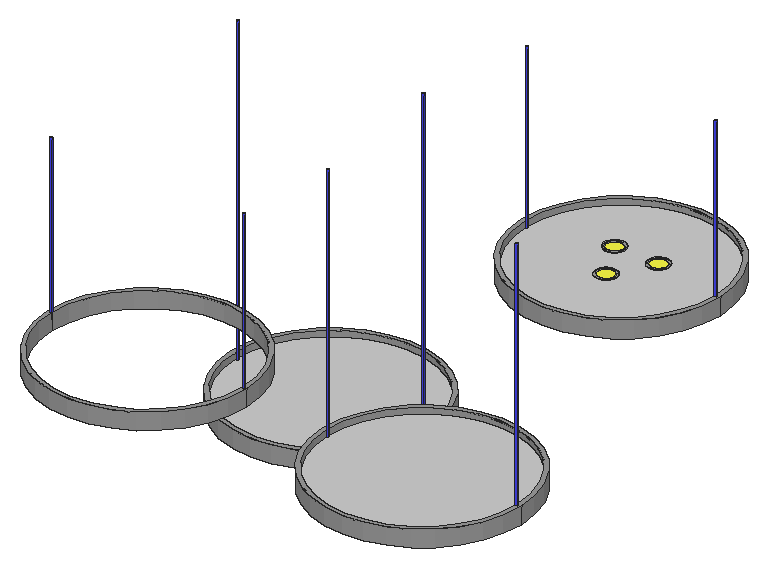
Revit family "CLD-FMD-009_CLUD MORPH_RFA", category Modelos genéricos, Revit 2022
Family settings
  Puede alojar armadura = No
  Cota de conector redondo = Diámetro de uso
  Tipo de pieza = Normal
  Se basa en plano de trabajo = No
  Siempre vertical = Sí
  Corte con vacíos al cargar = No
  Mantener orientación de anotación = No
  Compartido = No
  Punto de cálculo de habitación = No
Parameters
  Elevación por defecto = 0.00"
Reference planes (in)
  plane 1 "Centro (Frontal/Posterior)": y = 0
  plane 2: z = 0
  plane 3 "Centro (Izquierda/Derecha)": x = 0
Forms (in)
  Extrusion 1, solid, not visible
    sketch origin (0, 0, 0) x (1, 0, 0) y (0, 1, 0)
      loop
        line (0, 2.25) -> (0, 0) -> (108, 0) -> (108, 2.25) -> (0, 2.25)
    from 0 to 8
  Extrusion 2, solid, not visible
    sketch origin (0, 0, 0) x (1, 0, 0) y (0, 1, 0)
      loop
        line (0, 2.25) -> (0, 0) -> (108, 0) -> (108, 2.25) -> (0, 2.25)
    from 0 to 8
  Extrusion 3, solid, not visible
    sketch origin (0, 8, 0) x (1, 0, 0) y (0, 1, 0)
      loop
        line (0, 2.25) -> (0, 0) -> (108, 0) -> (108, 2.25) -> (0, 2.25)
    from 0 to 8
  Extrusion 4, solid, not visible
    sketch origin (0, 16, 0) x (1, 0, 0) y (0, 1, 0)
      loop
        line (0, 2.25) -> (0, 0) -> (108, 0) -> (108, 2.25) -> (0, 2.25)
    from 0 to 8
  Extrusion 5, solid, not visible
    sketch origin (0, 24, 0) x (1, 0, 0) y (0, 1, 0)
      loop
        line (0, 2.25) -> (0, 0) -> (108, 0) -> (108, 2.25) -> (0, 2.25)
    from 0 to 8
  Extrusion 6, solid, not visible
    sketch origin (0, 32, 0) x (1, 0, 0) y (0, 1, 0)
      loop
        line (0, 2.25) -> (0, 0) -> (108, 0) -> (108, 2.25) -> (0, 2.25)
    from 0 to 8
  Extrusion 7, solid, not visible
    sketch origin (0, 40, 0) x (1, 0, 0) y (0, 1, 0)
      loop
        line (0, 2.25) -> (0, 0) -> (108, 0) -> (108, 2.25) -> (0, 2.25)
    from 0 to 8
  Extrusion 8, solid, not visible
    sketch origin (0, 48, 0) x (1, 0, 0) y (0, 1, 0)
      loop
        line (0, 2.25) -> (0, 0) -> (108, 0) -> (108, 2.25) -> (0, 2.25)
    from 0 to 8
  Extrusion 9, solid, not visible
    sketch origin (0, 56, 0) x (1, 0, 0) y (0, 1, 0)
      loop
        line (0, 2.25) -> (0, 0) -> (108, 0) -> (108, 2.25) -> (0, 2.25)
    from 0 to 8
  Extrusion 10, solid, not visible
    sketch origin (0, 64, 0) x (1, 0, 0) y (0, 1, 0)
      loop
        line (0, 2.25) -> (0, 0) -> (108, 0) -> (108, 2.25) -> (0, 2.25)
    from 0 to 8
  Extrusion 11, solid, not visible
    sketch origin (0, 72, 0) x (1, 0, 0) y (0, 1, 0)
      loop
        line (0, 2.25) -> (0, 0) -> (108, 0) -> (108, 2.25) -> (0, 2.25)
    from 0 to 8
  Extrusion 12, solid, not visible
    sketch origin (0, 80, 0) x (1, 0, 0) y (0, 1, 0)
      loop
        line (0, 2.25) -> (0, 0) -> (108, 0) -> (108, 2.25) -> (0, 2.25)
    from 0 to 8
  Extrusion 13, solid, not visible
    sketch origin (0, 88, 0) x (1, 0, 0) y (0, 1, 0)
      loop
        line (0, 2.25) -> (0, 0) -> (108, 0) -> (108, 2.25) -> (0, 2.25)
    from 0 to 8
  Extrusion 14, solid, not visible
    sketch origin (0, 96, 0) x (1, 0, 0) y (0, 1, 0)
      loop
        line (0, 2.25) -> (0, 0) -> (108, 0) -> (108, 2.25) -> (0, 2.25)
    from 0 to 8
  Extrusion 15, solid, not visible
    sketch origin (0, 104, 0) x (1, 0, 0) y (0, 1, 0)
      loop
        line (0, 2.25) -> (0, 0) -> (108, 0) -> (108, 2.25) -> (0, 2.25)
    from 0 to 8
  Extrusion 16, solid, not visible
    sketch origin (0, 112, 0) x (1, 0, 0) y (0, 1, 0)
      loop
        line (0, 2.25) -> (0, 0) -> (108, 0) -> (108, 2.25) -> (0, 2.25)
    from 0 to 8
  Extrusion 17, solid, not visible
    sketch origin (0, 120, 0) x (1, 0, 0) y (0, 1, 0)
      loop
        line (0, 2.25) -> (0, 0) -> (108, 0) -> (108, 2.25) -> (0, 2.25)
    from 0 to 8
  Extrusion 18, solid, not visible
    sketch origin (0, 128, 0) x (1, 0, 0) y (0, 1, 0)
      loop
        line (0, 2.25) -> (0, 0) -> (108, 0) -> (108, 2.25) -> (0, 2.25)
    from 0 to 8
  Extrusion 19, solid, not visible
    sketch origin (0, 136, 0) x (1, 0, 0) y (0, 1, 0)
      loop
        line (0, 2.25) -> (0, 0) -> (108, 0) -> (108, 2.25) -> (0, 2.25)
    from 0 to 8
  Extrusion 20, solid, not visible
    sketch origin (0, 144, 0) x (1, 0, 0) y (0, 1, 0)
      loop
        line (0, 2.25) -> (0, 0) -> (108, 0) -> (108, 2.25) -> (0, 2.25)
    from 0 to 8
  Extrusion 21, solid, not visible
    sketch origin (0, 152, 0) x (1, 0, 0) y (0, 1, 0)
      loop
        line (0, 2.25) -> (0, 0) -> (108, 0) -> (108, 2.25) -> (0, 2.25)
    from 0 to 8
  Extrusion 22, solid, not visible
    sketch origin (109, 0, 0) x (1, 0, 0) y (0, 1, 0)
      loop
        line (0, 2.25) -> (0, 0) -> (108, 0) -> (108, 2.25) -> (0, 2.25)
    from 0 to 8
  Extrusion 23, solid, not visible
    sketch origin (109, 8, 0) x (1, 0, 0) y (0, 1, 0)
      loop
        line (0, 2.25) -> (0, 0) -> (108, 0) -> (108, 2.25) -> (0, 2.25)
    from 0 to 8
  Extrusion 24, solid, not visible
    sketch origin (109, 16, 0) x (1, 0, 0) y (0, 1, 0)
      loop
        line (0, 2.25) -> (0, 0) -> (108, 0) -> (108, 2.25) -> (0, 2.25)
    from 0 to 8
  Extrusion 25, solid, not visible
    sketch origin (109, 24, 0) x (1, 0, 0) y (0, 1, 0)
      loop
        line (0, 2.25) -> (0, 0) -> (108, 0) -> (108, 2.25) -> (0, 2.25)
    from 0 to 8
  Extrusion 26, solid, not visible
    sketch origin (109, 32, 0) x (1, 0, 0) y (0, 1, 0)
      loop
        line (0, 2.25) -> (0, 0) -> (108, 0) -> (108, 2.25) -> (0, 2.25)
    from 0 to 8
  Extrusion 27, solid, not visible
    sketch origin (109, 40, 0) x (1, 0, 0) y (0, 1, 0)
      loop
        line (0, 2.25) -> (0, 0) -> (108, 0) -> (108, 2.25) -> (0, 2.25)
    from 0 to 8
  Extrusion 28, solid, not visible
    sketch origin (109, 48, 0) x (1, 0, 0) y (0, 1, 0)
      loop
        line (0, 2.25) -> (0, 0) -> (108, 0) -> (108, 2.25) -> (0, 2.25)
    from 0 to 8
  Extrusion 29, solid, not visible
    sketch origin (109, 56, 0) x (1, 0, 0) y (0, 1, 0)
      loop
        line (0, 2.25) -> (0, 0) -> (108, 0) -> (108, 2.25) -> (0, 2.25)
    from 0 to 8
  Extrusion 30, solid, not visible
    sketch origin (109, 64, 0) x (1, 0, 0) y (0, 1, 0)
      loop
        line (0, 2.25) -> (0, 0) -> (108, 0) -> (108, 2.25) -> (0, 2.25)
    from 0 to 8
  Extrusion 31, solid, not visible
    sketch origin (109, 72, 0) x (1, 0, 0) y (0, 1, 0)
      loop
        line (0, 2.25) -> (0, 0) -> (108, 0) -> (108, 2.25) -> (0, 2.25)
    from 0 to 8
  Extrusion 32, solid, not visible
    sketch origin (109, 80, 0) x (1, 0, 0) y (0, 1, 0)
      loop
        line (0, 2.25) -> (0, 0) -> (108, 0) -> (108, 2.25) -> (0, 2.25)
    from 0 to 8
  Extrusion 33, solid, not visible
    sketch origin (109, 88, 0) x (1, 0, 0) y (0, 1, 0)
      loop
        line (0, 2.25) -> (0, 0) -> (108, 0) -> (108, 2.25) -> (0, 2.25)
    from 0 to 8
  Extrusion 34, solid, not visible
    sketch origin (109, 96, 0) x (1, 0, 0) y (0, 1, 0)
      loop
        line (0, 2.25) -> (0, 0) -> (108, 0) -> (108, 2.25) -> (0, 2.25)
    from 0 to 8
  Extrusion 35, solid, not visible
    sketch origin (109, 104, 0) x (1, 0, 0) y (0, 1, 0)
      loop
        line (0, 2.25) -> (0, 0) -> (108, 0) -> (108, 2.25) -> (0, 2.25)
    from 0 to 8
  Extrusion 36, solid, not visible
    sketch origin (109, 112, 0) x (1, 0, 0) y (0, 1, 0)
      loop
        line (0, 2.25) -> (0, 0) -> (108, 0) -> (108, 2.25) -> (0, 2.25)
    from 0 to 8
  Extrusion 37, solid, not visible
    sketch origin (109, 120, 0) x (1, 0, 0) y (0, 1, 0)
      loop
        line (0, 2.25) -> (0, 0) -> (108, 0) -> (108, 2.25) -> (0, 2.25)
    from 0 to 8
  Extrusion 38, solid, not visible
    sketch origin (109, 128, 0) x (1, 0, 0) y (0, 1, 0)
      loop
        line (0, 2.25) -> (0, 0) -> (108, 0) -> (108, 2.25) -> (0, 2.25)
    from 0 to 8
  Extrusion 39, solid, not visible
    sketch origin (109, 136, 0) x (1, 0, 0) y (0, 1, 0)
      loop
        line (0, 2.25) -> (0, 0) -> (108, 0) -> (108, 2.25) -> (0, 2.25)
    from 0 to 8
  Extrusion 40, solid, not visible
    sketch origin (109, 144, 0) x (1, 0, 0) y (0, 1, 0)
      loop
        line (0, 2.25) -> (0, 0) -> (108, 0) -> (108, 2.25) -> (0, 2.25)
    from 0 to 8
  Extrusion 41, solid, not visible
    sketch origin (109, 152, 0) x (1, 0, 0) y (0, 1, 0)
      loop
        line (0, 2.25) -> (0, 0) -> (108, 0) -> (108, 2.25) -> (0, 2.25)
    from 0 to 8
  Extrusion 42, solid, not visible
    sketch origin (-108, 0, 0) x (1, 0, 0) y (0, 1, 0)
      loop
        line (0, 2.25) -> (0, 0) -> (108, 0) -> (108, 2.25) -> (0, 2.25)
    from 0 to 8
  Extrusion 43, solid, not visible
    sketch origin (-108, 8, 0) x (1, 0, 0) y (0, 1, 0)
      loop
        line (0, 2.25) -> (0, 0) -> (108, 0) -> (108, 2.25) -> (0, 2.25)
    from 0 to 8
  Extrusion 44, solid, not visible
    sketch origin (-108, 16, 0) x (1, 0, 0) y (0, 1, 0)
      loop
        line (0, 2.25) -> (0, 0) -> (108, 0) -> (108, 2.25) -> (0, 2.25)
    from 0 to 8
  Extrusion 45, solid, not visible
    sketch origin (-108, 24, 0) x (1, 0, 0) y (0, 1, 0)
      loop
        line (0, 2.25) -> (0, 0) -> (108, 0) -> (108, 2.25) -> (0, 2.25)
    from 0 to 8
  Extrusion 46, solid, not visible
    sketch origin (-108, 32, 0) x (1, 0, 0) y (0, 1, 0)
      loop
        line (0, 2.25) -> (0, 0) -> (108, 0) -> (108, 2.25) -> (0, 2.25)
    from 0 to 8
  Extrusion 47, solid, not visible
    sketch origin (-108, 40, 0) x (1, 0, 0) y (0, 1, 0)
      loop
        line (0, 2.25) -> (0, 0) -> (108, 0) -> (108, 2.25) -> (0, 2.25)
    from 0 to 8
  Extrusion 48, solid, not visible
    sketch origin (1, 0, 0) x (1, 0, 0) y (0, 1, 0)
      loop
        line (0, 2.25) -> (0, 0) -> (108, 0) -> (108, 2.25) -> (0, 2.25)
    from 0 to 8
  Extrusion 49, solid, not visible
    sketch origin (1, 8, 0) x (1, 0, 0) y (0, 1, 0)
      loop
        line (0, 2.25) -> (0, 0) -> (108, 0) -> (108, 2.25) -> (0, 2.25)
    from 0 to 8
  Extrusion 50, solid, not visible
    sketch origin (1, 16, 0) x (1, 0, 0) y (0, 1, 0)
      loop
        line (0, 2.25) -> (0, 0) -> (108, 0) -> (108, 2.25) -> (0, 2.25)
    from 0 to 8
  Extrusion 51, solid, not visible
    sketch origin (1, 24, 0) x (1, 0, 0) y (0, 1, 0)
      loop
        line (0, 2.25) -> (0, 0) -> (108, 0) -> (108, 2.25) -> (0, 2.25)
    from 0 to 8
  Extrusion 52, solid, not visible
    sketch origin (1, 32, 0) x (1, 0, 0) y (0, 1, 0)
      loop
        line (0, 2.25) -> (0, 0) -> (108, 0) -> (108, 2.25) -> (0, 2.25)
    from 0 to 8
  Extrusion 53, solid, not visible
    sketch origin (1, 40, 0) x (1, 0, 0) y (0, 1, 0)
      loop
        line (0, 2.25) -> (0, 0) -> (108, 0) -> (108, 2.25) -> (0, 2.25)
    from 0 to 8
  Extrusion 54, solid, not visible
    sketch origin (-108, 48, 0) x (1, 0, 0) y (0, 1, 0)
      loop
        line (0, 2.25) -> (0, 0) -> (108, 0) -> (108, 2.25) -> (0, 2.25)
    from 0 to 8
  Extrusion 55, solid, not visible
    sketch origin (-108, 56, 0) x (1, 0, 0) y (0, 1, 0)
      loop
        line (0, 2.25) -> (0, 0) -> (108, 0) -> (108, 2.25) -> (0, 2.25)
    from 0 to 8
  Extrusion 56, solid, not visible
    sketch origin (-108, 64, 0) x (1, 0, 0) y (0, 1, 0)
      loop
        line (0, 2.25) -> (0, 0) -> (108, 0) -> (108, 2.25) -> (0, 2.25)
    from 0 to 8
  Extrusion 57, solid, not visible
    sketch origin (-108, 72, 0) x (1, 0, 0) y (0, 1, 0)
      loop
        line (0, 2.25) -> (0, 0) -> (108, 0) -> (108, 2.25) -> (0, 2.25)
    from 0 to 8
  Extrusion 58, solid, not visible
    sketch origin (-108, 80, 0) x (1, 0, 0) y (0, 1, 0)
      loop
        line (0, 2.25) -> (0, 0) -> (108, 0) -> (108, 2.25) -> (0, 2.25)
    from 0 to 8
  Extrusion 59, solid, not visible
    sketch origin (1, 48, 0) x (1, 0, 0) y (0, 1, 0)
      loop
        line (0, 2.25) -> (0, 0) -> (108, 0) -> (108, 2.25) -> (0, 2.25)
    from 0 to 8
  Extrusion 60, solid, not visible
    sketch origin (1, 56, 0) x (1, 0, 0) y (0, 1, 0)
      loop
        line (0, 2.25) -> (0, 0) -> (108, 0) -> (108, 2.25) -> (0, 2.25)
    from 0 to 8
  Extrusion 61, solid, not visible
    sketch origin (1, 64, 0) x (1, 0, 0) y (0, 1, 0)
      loop
        line (0, 2.25) -> (0, 0) -> (108, 0) -> (108, 2.25) -> (0, 2.25)
    from 0 to 8
  Extrusion 62, solid, not visible
    sketch origin (1, 72, 0) x (1, 0, 0) y (0, 1, 0)
      loop
        line (0, 2.25) -> (0, 0) -> (108, 0) -> (108, 2.25) -> (0, 2.25)
    from 0 to 8
  Extrusion 63, solid, not visible
    sketch origin (1, 80, 0) x (1, 0, 0) y (0, 1, 0)
      loop
        line (0, 2.25) -> (0, 0) -> (108, 0) -> (108, 2.25) -> (0, 2.25)
    from 0 to 8
  Extrusion 64, solid, not visible
    sketch origin (-108, 88, 0) x (1, 0, 0) y (0, 1, 0)
      loop
        line (0, 2.25) -> (0, 0) -> (108, 0) -> (108, 2.25) -> (0, 2.25)
    from 0 to 8
  Extrusion 65, solid, not visible
    sketch origin (-108, 96, 0) x (1, 0, 0) y (0, 1, 0)
      loop
        line (0, 2.25) -> (0, 0) -> (108, 0) -> (108, 2.25) -> (0, 2.25)
    from 0 to 8
  Extrusion 66, solid, not visible
    sketch origin (-108, 104, 0) x (1, 0, 0) y (0, 1, 0)
      loop
        line (0, 2.25) -> (0, 0) -> (108, 0) -> (108, 2.25) -> (0, 2.25)
    from 0 to 8
  Extrusion 67, solid, not visible
    sketch origin (-108, 112, 0) x (1, 0, 0) y (0, 1, 0)
      loop
        line (0, 2.25) -> (0, 0) -> (108, 0) -> (108, 2.25) -> (0, 2.25)
    from 0 to 8
  Extrusion 68, solid, not visible
    sketch origin (-108, 120, 0) x (1, 0, 0) y (0, 1, 0)
      loop
        line (0, 2.25) -> (0, 0) -> (108, 0) -> (108, 2.25) -> (0, 2.25)
    from 0 to 8
  Extrusion 69, solid, not visible
    sketch origin (1, 88, 0) x (1, 0, 0) y (0, 1, 0)
      loop
        line (0, 2.25) -> (0, 0) -> (108, 0) -> (108, 2.25) -> (0, 2.25)
    from 0 to 8
  Extrusion 70, solid, not visible
    sketch origin (1, 96, 0) x (1, 0, 0) y (0, 1, 0)
      loop
        line (0, 2.25) -> (0, 0) -> (108, 0) -> (108, 2.25) -> (0, 2.25)
    from 0 to 8
  Extrusion 71, solid, not visible
    sketch origin (1, 104, 0) x (1, 0, 0) y (0, 1, 0)
      loop
        line (0, 2.25) -> (0, 0) -> (108, 0) -> (108, 2.25) -> (0, 2.25)
    from 0 to 8
  Extrusion 72, solid, not visible
    sketch origin (1, 112, 0) x (1, 0, 0) y (0, 1, 0)
      loop
        line (0, 2.25) -> (0, 0) -> (108, 0) -> (108, 2.25) -> (0, 2.25)
    from 0 to 8
  Extrusion 73, solid, not visible
    sketch origin (1, 120, 0) x (1, 0, 0) y (0, 1, 0)
      loop
        line (0, 2.25) -> (0, 0) -> (108, 0) -> (108, 2.25) -> (0, 2.25)
    from 0 to 8
  Extrusion 74, solid, not visible
    sketch origin (-108, 128, 0) x (1, 0, 0) y (0, 1, 0)
      loop
        line (0, 2.25) -> (0, 0) -> (108, 0) -> (108, 2.25) -> (0, 2.25)
    from 0 to 8
  Extrusion 75, solid, not visible
    sketch origin (-108, 136, 0) x (1, 0, 0) y (0, 1, 0)
      loop
        line (0, 2.25) -> (0, 0) -> (108, 0) -> (108, 2.25) -> (0, 2.25)
    from 0 to 8
  Extrusion 76, solid, not visible
    sketch origin (-108, 144, 0) x (1, 0, 0) y (0, 1, 0)
      loop
        line (0, 2.25) -> (0, 0) -> (108, 0) -> (108, 2.25) -> (0, 2.25)
    from 0 to 8
  Extrusion 77, solid, not visible
    sketch origin (-108, 152, 0) x (1, 0, 0) y (0, 1, 0)
      loop
        line (0, 2.25) -> (0, 0) -> (108, 0) -> (108, 2.25) -> (0, 2.25)
    from 0 to 8
  Extrusion 78, solid, not visible
    sketch origin (-108, 160, 0) x (1, 0, 0) y (0, 1, 0)
      loop
        line (0, 2.25) -> (0, 0) -> (108, 0) -> (108, 2.25) -> (0, 2.25)
    from 0 to 8
  Extrusion 79, solid, not visible
    sketch origin (1, 128, 0) x (1, 0, 0) y (0, 1, 0)
      loop
        line (0, 2.25) -> (0, 0) -> (108, 0) -> (108, 2.25) -> (0, 2.25)
    from 0 to 8
  Extrusion 80, solid, not visible
    sketch origin (1, 136, 0) x (1, 0, 0) y (0, 1, 0)
      loop
        line (0, 2.25) -> (0, 0) -> (108, 0) -> (108, 2.25) -> (0, 2.25)
    from 0 to 8
  Extrusion 81, solid, not visible
    sketch origin (1, 144, 0) x (1, 0, 0) y (0, 1, 0)
      loop
        line (0, 2.25) -> (0, 0) -> (108, 0) -> (108, 2.25) -> (0, 2.25)
    from 0 to 8
  Extrusion 82, solid, not visible
    sketch origin (1, 152, 0) x (1, 0, 0) y (0, 1, 0)
      loop
        line (0, 2.25) -> (0, 0) -> (108, 0) -> (108, 2.25) -> (0, 2.25)
    from 0 to 8
  Extrusion 83, solid, not visible
    sketch origin (1, 160, 0) x (1, 0, 0) y (0, 1, 0)
      loop
        line (0, 2.25) -> (0, 0) -> (108, 0) -> (108, 2.25) -> (0, 2.25)
    from 0 to 8
  Extrusion 84, solid, not visible
    sketch origin (0, 0, 0) x (1, 0, 0) y (0, 1, 0)
      loop
        line (0, 3) -> (0, 0) -> (108, 0) -> (108, 3) -> (0, 3)
    from 0 to 8
  Extrusion 85, void, not visible
    sketch origin (0, 0, 0) x (1, 0, 0) y (0, 1, 0)
      loop
        line (6, 2) -> (6, 1) -> (66, 1) -> (66, 2) -> (6, 2)
    from 0 to 1.03
  Extrusion 86, solid, not visible
    sketch origin (0, 0, 0) x (1, 0, 0) y (0, 1, 0)
      loop
        line (0, 3) -> (0, 0) -> (108, 0) -> (108, 3) -> (0, 3)
    from 0 to 8
  Extrusion 87, void, not visible
    sketch origin (0, 0, 0) x (1, 0, 0) y (0, 1, 0)
      loop
        line (6, 2) -> (6, 1) -> (66, 1) -> (66, 2) -> (6, 2)
    from 0 to 1.03
  Extrusion 88, solid, not visible
    sketch origin (0, 0, 0) x (1, 0, 0) y (0, 1, 0)
      loop
        line (6, 2) -> (6, 1) -> (66, 1) -> (66, 2) -> (6, 2)
    from 0 to 1.03
  Extrusion 89, solid, not visible
    sketch origin (0, 32, 0) x (1, 0, 0) y (0, 1, 0)
      loop
        line (0, 3) -> (0, 0) -> (108, 0) -> (108, 3) -> (0, 3)
    from 0 to 8
  Extrusion 90, void, not visible
    sketch origin (0, 32, 0) x (1, 0, 0) y (0, 1, 0)
      loop
        line (6, 2) -> (6, 1) -> (102, 1) -> (102, 2) -> (6, 2)
    from 0 to 1.03
  Extrusion 91, solid, not visible
    sketch origin (8.95842, -18.67436, 0) x (1, 0, 0) y (0, 1, 0)
      loop
        line (-8.48642, 97.64679) -> (-8.48642, 97.17436) -> (98.56914, 97.17436) -> (98.56914, 97.64679) -> (-8.48642, 97.64679)
    from 0.59055 to 8
  Extrusion 92, solid, not visible
    sketch origin (8.95842, -16.6468, 0) x (1, 0, 0) y (0, 1, 0)
      loop
        line (-8.48642, 97.64679) -> (-8.48642, 97.17436) -> (98.56914, 97.17436) -> (98.56914, 97.64679) -> (-8.48642, 97.64679)
    from 0.59055 to 8
  Extrusion 93, solid, not visible
    sketch origin (60.46912, 110.28574, 0) x (1, 0, 0) y (0, 1, 0)
      loop
        line (45.03088, -29.28574) -> (-57.96911, -29.28574) -> (-57.96911, -31.78574) -> (45.03088, -31.78574) -> (45.03088, -29.28574)
      loop
        line (23.78088, -31.03574) -> (41.78088, -31.03574) -> (41.78088, -30.03574) -> (23.78088, -30.03574) -> (23.78088, -31.03574)
      loop
        line (-54.71912, -31.03574) -> (-36.71912, -31.03574) -> (-36.71912, -30.03574) -> (-54.71912, -30.03574) -> (-54.71912, -31.03574)
    from 0 to 0.59055
  Extrusion 94, solid, not visible
    sketch origin (108, 51.5, 0) x (0, 1, 0) y (-1, 0, 0)
      loop
        line (27.75, 102.25) -> (27.75, 84.25) -> (28.75, 84.25) -> (28.75, 102.25) -> (27.75, 102.25)
    from 0 to 1
  Extrusion 95, solid, not visible
    sketch origin (186.5, 51.5, 0) x (0, 1, 0) y (-1, 0, 0)
      loop
        line (27.75, 102.25) -> (27.75, 84.25) -> (28.75, 84.25) -> (28.75, 102.25) -> (27.75, 102.25)
    from 0 to 1
  Extrusion 96, solid, not visible
    sketch origin (8.95842, -44.42438, 0) x (1, 0, 0) y (0, 1, 0)
      loop
        line (-8.48642, 97.64679) -> (-8.48642, 97.17436) -> (98.56914, 97.17436) -> (98.56914, 97.64679) -> (-8.48642, 97.64679)
    from 0.59055 to 8
  Extrusion 97, solid, not visible
    sketch origin (8.95842, -42.39682, 0) x (1, 0, 0) y (0, 1, 0)
      loop
        line (-8.48642, 97.64679) -> (-8.48642, 97.17436) -> (98.56914, 97.17436) -> (98.56914, 97.64679) -> (-8.48642, 97.64679)
    from 0.59055 to 8
  Extrusion 98, solid, not visible
    sketch origin (60.46912, 84.53571, 0) x (1, 0, 0) y (0, 1, 0)
      loop
        line (45.03088, -29.28574) -> (-57.96911, -29.28574) -> (-57.96911, -31.78574) -> (45.03088, -31.78574) -> (45.03088, -29.28574)
      loop
        line (-28.96912, -31.03574) -> (-10.96912, -31.03574) -> (-10.96912, -30.03574) -> (-28.96912, -30.03574) -> (-28.96912, -31.03574)
      loop
        line (-3.21912, -31.03571) -> (14.78088, -31.03571) -> (14.78088, -30.03571) -> (-3.21912, -30.03571) -> (-3.21912, -31.03571)
    from 0 to 0.59055
  Extrusion 99, solid, not visible
    sketch origin (133.74998, 25.74998, 0) x (0, 1, 0) y (-1, 0, 0)
      loop
        line (27.75, 102.25) -> (27.75, 84.25) -> (28.75, 84.25) -> (28.75, 102.25) -> (27.75, 102.25)
    from 0 to 1
  Extrusion 100, solid, not visible
    sketch origin (159.49998, 25.74998, 0) x (0, 1, 0) y (-1, 0, 0)
      loop
        line (27.75, 102.25) -> (27.75, 84.25) -> (28.75, 84.25) -> (28.75, 102.25) -> (27.75, 102.25)
    from 0 to 1
  Extrusion 101, solid, not visible
    sketch origin (8.95842, -70.17436, 0) x (1, 0, 0) y (0, 1, 0)
      loop
        line (-8.48642, 97.64679) -> (-8.48642, 97.17436) -> (98.56914, 97.17436) -> (98.56914, 97.64679) -> (-8.48642, 97.64679)
    from 0.59055 to 8
  Extrusion 102, solid, not visible
    sketch origin (8.95842, -68.1468, 0) x (1, 0, 0) y (0, 1, 0)
      loop
        line (-8.48642, 97.64679) -> (-8.48642, 97.17436) -> (98.56914, 97.17436) -> (98.56914, 97.64679) -> (-8.48642, 97.64679)
    from 0.59055 to 8
  Extrusion 103, solid, not visible
    sketch origin (60.46912, 58.78574, 0) x (1, 0, 0) y (0, 1, 0)
      loop
        line (45.03088, -29.28574) -> (-57.96911, -29.28574) -> (-57.96911, -31.78574) -> (45.03088, -31.78574) -> (45.03088, -29.28574)
      loop
        line (23.78088, -31.03574) -> (41.78088, -31.03574) -> (41.78088, -30.03574) -> (23.78088, -30.03574) -> (23.78088, -31.03574)
      loop
        line (-54.71912, -31.03574) -> (-36.71912, -31.03574) -> (-36.71912, -30.03574) -> (-54.71912, -30.03574) -> (-54.71912, -31.03574)
    from 0 to 0.59055
  Extrusion 104, solid, not visible
    sketch origin (108, 0, 0) x (0, 1, 0) y (-1, 0, 0)
      loop
        line (27.75, 102.25) -> (27.75, 84.25) -> (28.75, 84.25) -> (28.75, 102.25) -> (27.75, 102.25)
    from 0 to 1
  Extrusion 105, solid, not visible
    sketch origin (186.5, 0, 0) x (0, 1, 0) y (-1, 0, 0)
      loop
        line (27.75, 102.25) -> (27.75, 84.25) -> (28.75, 84.25) -> (28.75, 102.25) -> (27.75, 102.25)
    from 0 to 1
  Extrusion 106, solid, not visible
    sketch origin (-70.17436, 99.04114, 0) x (0, -1, 0) y (1, 0, 0)
      loop
        line (-8.48642, 97.64679) -> (-8.48642, 97.17436) -> (98.56914, 97.17436) -> (98.56914, 97.64679) -> (-8.48642, 97.64679)
    from 0.59055 to 8
  Extrusion 107, solid, not visible
    sketch origin (-68.1468, 99.04114, 0) x (0, -1, 0) y (1, 0, 0)
      loop
        line (-8.48642, 97.64679) -> (-8.48642, 97.17436) -> (98.56914, 97.17436) -> (98.56914, 97.64679) -> (-8.48642, 97.64679)
    from 0.59055 to 8
  Extrusion 108, solid, not visible
    sketch origin (-2.28571, 86.21912, 0) x (0, 1, 0) y (-1, 0, 0)
      loop
        line (19.28088, -29.28574) -> (-83.71912, -29.28574) -> (-83.71912, -31.78574) -> (19.28088, -31.78574) -> (19.28088, -29.28574)
      loop
        line (16.03088, -31.03571) -> (16.03088, -30.03571) -> (-1.96912, -30.03571) -> (-1.96912, -31.03571) -> (16.03088, -31.03571)
      loop
        line (-62.46912, -31.03571) -> (-62.46912, -30.03571) -> (-80.46912, -30.03571) -> (-80.46912, -31.03571) -> (-62.46912, -31.03571)
    from 0 to 0.59055
  Extrusion 109, solid, not visible
    sketch origin (0, 0, 0) x (1, 0, 0) y (0, 1, 0)
      loop
        line (27.75, 102.25) -> (27.75, 84.25) -> (28.75, 84.25) -> (28.75, 102.25) -> (27.75, 102.25)
    from 0 to 1
  Extrusion 110, solid, not visible
    sketch origin (0, -78.5, 0) x (1, 0, 0) y (0, 1, 0)
      loop
        line (27.75, 102.25) -> (27.75, 84.25) -> (28.75, 84.25) -> (28.75, 102.25) -> (27.75, 102.25)
    from 0 to 1
  Extrusion 111, solid, not visible
    sketch origin (-44.89438, 99.04114, 0) x (0, -1, 0) y (1, 0, 0)
      loop
        line (-8.48642, 97.64679) -> (-8.48642, 97.17436) -> (98.56914, 97.17436) -> (98.56914, 97.64679) -> (-8.48642, 97.64679)
    from 0.59055 to 8
  Extrusion 112, solid, not visible
    sketch origin (-42.39682, 99.04114, 0) x (0, -1, 0) y (1, 0, 0)
      loop
        line (-8.48642, 97.64679) -> (-8.48642, 97.17436) -> (98.56914, 97.17436) -> (98.56914, 97.64679) -> (-8.48642, 97.64679)
    from 0.59055 to 8
  Extrusion 113, solid, not visible
    sketch origin (23.46427, 86.21912, 0) x (0, 1, 0) y (-1, 0, 0)
      loop
        line (19.28088, -28.81571) -> (-83.71912, -28.81571) -> (-83.71912, -31.78574) -> (19.28088, -31.78574) -> (19.28088, -28.81571)
      loop
        line (-28.96912, -29.78573) -> (-28.96912, -30.78571) -> (-10.96912, -30.78571) -> (-10.96912, -29.78573) -> (-28.96912, -29.78573)
      loop
        line (-54.71914, -29.78573) -> (-54.71914, -30.78573) -> (-36.71914, -30.78573) -> (-36.71914, -29.78573) -> (-54.71914, -29.78573)
    from 0 to 0.59055
  Extrusion 114, solid, not visible
    sketch origin (25.74998, -27, 0) x (1, 0, 0) y (0, 1, 0)
      loop
        line (27.50002, 102.25) -> (27.50002, 84.25) -> (28.5, 84.25) -> (28.5, 102.25) -> (27.50002, 102.25)
    from 0 to 1
  Extrusion 115, solid, not visible
    sketch origin (25.74998, -52.75002, 0) x (1, 0, 0) y (0, 1, 0)
      loop
        line (27.50002, 102.25) -> (27.50002, 84.25) -> (28.50002, 84.25) -> (28.50002, 102.25) -> (27.50002, 102.25)
    from 0 to 1
  Extrusion 116, solid, not visible
    sketch origin (-18.67436, 99.04114, 0) x (0, -1, 0) y (1, 0, 0)
      loop
        line (-8.48642, 97.64679) -> (-8.48642, 97.17436) -> (98.56914, 97.17436) -> (98.56914, 97.64679) -> (-8.48642, 97.64679)
    from 0.59055 to 8
  Extrusion 117, solid, not visible
    sketch origin (-16.6468, 99.04114, 0) x (0, -1, 0) y (1, 0, 0)
      loop
        line (-8.48642, 97.64679) -> (-8.48642, 97.17436) -> (98.56914, 97.17436) -> (98.56914, 97.64679) -> (-8.48642, 97.64679)
    from 0.59055 to 8
  Extrusion 118, solid, not visible
    sketch origin (49.21426, 86.21912, 0) x (0, 1, 0) y (-1, 0, 0)
      loop
        line (19.28088, -29.28574) -> (-83.71912, -29.28574) -> (-83.71912, -31.78574) -> (19.28088, -31.78574) -> (19.28088, -29.28574)
      loop
        line (16.03088, -31.03571) -> (16.03088, -30.03571) -> (-1.96912, -30.03571) -> (-1.96912, -31.03571) -> (16.03088, -31.03571)
      loop
        line (-62.46912, -31.03571) -> (-62.46912, -30.03571) -> (-80.46912, -30.03571) -> (-80.46912, -31.03571) -> (-62.46912, -31.03571)
    from 0 to 0.59055
  Extrusion 119, solid, not visible
    sketch origin (51.49997, 0, 0) x (1, 0, 0) y (0, 1, 0)
      loop
        line (27.75, 102.25) -> (27.75, 84.25) -> (28.75, 84.25) -> (28.75, 102.25) -> (27.75, 102.25)
    from 0 to 1
  Extrusion 120, solid, not visible
    sketch origin (51.49997, -78.5, 0) x (1, 0, 0) y (0, 1, 0)
      loop
        line (27.75, 102.25) -> (27.75, 84.25) -> (28.75, 84.25) -> (28.75, 102.25) -> (27.75, 102.25)
    from 0 to 1
  Extrusion 121, solid, not visible
    sketch origin (10.23509, 91.82771, 0) x (0, -1, 0) y (1, 0, 0)
      loop
        line (-16.17229, 97.76491) -> (-15.69986, 97.29248) -> (91.35527, 97.29248) -> (91.82771, 97.76491) -> (-16.17229, 97.76491)
    from 0.59055 to 8
  Extrusion 122, solid, not visible
    sketch origin (137.28574, 61.88413, 0) x (0, 1, 0) y (-1, 0, 0)
      loop
        line (46.11587, 29.28574) -> (43.61587, 31.78574) -> (-59.38412, 31.78574) -> (-61.88412, 29.28574) -> (46.11587, 29.28574)
    from 0 to 0.59055
  Extrusion 123, solid, not visible
    sketch origin (8.20754, 91.82771, 0) x (0, -1, 0) y (1, 0, 0)
      loop
        line (-14.14474, 97.76491) -> (-13.67231, 97.29248) -> (89.32772, 97.29248) -> (89.80016, 97.76491) -> (-14.14474, 97.76491)
    from 0.59055 to 8.22418
  Extrusion 124, solid, not visible
    sketch origin (18.95842, 10.23509, 0) x (1, 0, 0) y (0, 1, 0)
      loop
        line (-18.95842, 97.76491) -> (-18.48598, 97.29247) -> (88.56914, 97.29247) -> (89.04158, 97.76491) -> (-18.95842, 97.76491)
    from 0.59055 to 8
  Extrusion 125, solid, not visible
    sketch origin (61.88413, 137.28574, 0) x (1, 0, 0) y (0, 1, 0)
      loop
        line (46.11587, -29.28574) -> (-61.88412, -29.28574) -> (-59.38412, -31.78574) -> (43.61587, -31.78574) -> (46.11587, -29.28574)
    from 0 to 0.59055
  Extrusion 126, solid, not visible
    sketch origin (18.95842, 8.20753, 0) x (1, 0, 0) y (0, 1, 0)
      loop
        line (-16.93086, 97.76491) -> (-16.45842, 97.29247) -> (86.54158, 97.29247) -> (87.01402, 97.76491) -> (-16.93086, 97.76491)
    from 0.59055 to 8
  Extrusion 127, solid, not visible
    sketch origin (-101.24865, 87.31603, 0) x (0, -1, 0) y (1, 0, 0)
      loop
        line (-20.21152, 101.72109) -> (-20.68397, 101.24865) -> (87.31604, 101.24865) -> (86.84359, 101.72109) -> (-20.21152, 101.72109)
    from 0.47244 to 8
  Extrusion 128, solid, not visible
    sketch origin (-29.28573, 61.88413, 0) x (0, 1, 0) y (-1, 0, 0)
      loop
        line (46.11587, -29.28574) -> (-61.88412, -29.28574) -> (-59.38412, -31.78574) -> (43.61587, -31.78574) -> (46.11587, -29.28574)
    from 0 to 0.59055
  Extrusion 129, solid, not visible
    sketch origin (-99.22109, 87.31603, 0) x (0, -1, 0) y (1, 0, 0)
      loop
        line (-18.18396, 101.72109) -> (-18.65641, 101.24865) -> (85.28848, 101.24865) -> (84.81603, 101.72109) -> (-18.18396, 101.72109)
    from 0.47244 to 8
  Extrusion 130, solid, not visible
    sketch origin (61.88413, -29.28574, 0) x (1, 0, 0) y (0, 1, 0)
      loop
        line (46.11587, 29.28574) -> (43.61587, 31.78574) -> (-59.38412, 31.78574) -> (-61.88412, 29.28574) -> (46.11587, 29.28574)
    from 0 to 0.47244
  Extrusion 131, solid, not visible
    sketch origin (8.95842, -97.17435, 0) x (1, 0, 0) y (0, 1, 0)
      loop
        line (-8.48598, 97.64679) -> (-8.95842, 97.17436) -> (99.04157, 97.17436) -> (98.56914, 97.64679) -> (-8.48598, 97.64679)
    from 0.59055 to 8
  Extrusion 132, solid, not visible
    sketch origin (8.95842, -95.14679, 0) x (1, 0, 0) y (0, 1, 0)
      loop
        line (-6.45842, 97.64679) -> (-6.93085, 97.17436) -> (97.01401, 97.17436) -> (96.54158, 97.64679) -> (-6.45842, 97.64679)
    from 0.59055 to 8
  Extrusion 133, solid, not visible
    sketch origin (61.88413, -29.28574, 0) x (1, 0, 0) y (0, 1, 0)
      loop
        line (46.11587, 29.28574) -> (43.61587, 31.78574) -> (-59.38412, 31.78574) -> (-61.88412, 29.28574) -> (46.11587, 29.28574)
    from 0 to 0.47244
  Extrusion 134, solid, not visible
    sketch origin (18.95842, 10.23509, 0) x (1, 0, 0) y (0, 1, 0)
      loop
        line (-18.95842, 97.76491) -> (-18.48598, 97.29247) -> (88.56914, 97.29247) -> (89.04158, 97.76491) -> (-18.95842, 97.76491)
    from 0.59055 to 8
  Extrusion 135, solid, not visible
    sketch origin (8.95842, -97.17435, 0) x (1, 0, 0) y (0, 1, 0)
      loop
        line (-8.48598, 97.64679) -> (-8.95842, 97.17436) -> (99.04157, 97.17436) -> (98.56914, 97.64679) -> (-8.48598, 97.64679)
    from 0.59055 to 8
  Extrusion 136, solid, not visible
    sketch origin (10.23509, 91.82771, 0) x (0, -1, 0) y (1, 0, 0)
      loop
        line (-16.17229, 97.76491) -> (-15.69986, 97.29248) -> (91.35527, 97.29248) -> (91.82771, 97.76491) -> (-16.17229, 97.76491)
    from 0.59055 to 8
  Extrusion 137, solid, not visible
    sketch origin (-101.24865, 87.31603, 0) x (0, -1, 0) y (1, 0, 0)
      loop
        line (-20.21152, 101.72109) -> (-20.68397, 101.24865) -> (87.31604, 101.24865) -> (86.84359, 101.72109) -> (-20.21152, 101.72109)
    from 0.47244 to 8
  Extrusion 138, solid, not visible
    sketch origin (61.88413, 137.28574, 0) x (1, 0, 0) y (0, 1, 0)
      loop
        line (46.11587, -29.28574) -> (-61.88412, -29.28574) -> (-59.38412, -31.78574) -> (43.61587, -31.78574) -> (46.11587, -29.28574)
    from 0 to 0.59055
  Extrusion 139, solid, not visible
    sketch origin (-29.28573, 61.88413, 0) x (0, 1, 0) y (-1, 0, 0)
      loop
        line (46.11587, -29.28574) -> (-61.88412, -29.28574) -> (-59.38412, -31.78574) -> (43.61587, -31.78574) -> (46.11587, -29.28574)
    from 0 to 0.59055
  Extrusion 140, solid, not visible
    sketch origin (137.28574, 61.88413, 0) x (0, 1, 0) y (-1, 0, 0)
      loop
        line (46.11587, 29.28574) -> (43.61587, 31.78574) -> (-59.38412, 31.78574) -> (-61.88412, 29.28574) -> (46.11587, 29.28574)
    from 0 to 0.59055
  Extrusion 141, solid, not visible
    sketch origin (8.95842, -95.14679, 0) x (1, 0, 0) y (0, 1, 0)
      loop
        line (-6.45842, 97.64679) -> (-6.93085, 97.17436) -> (97.01401, 97.17436) -> (96.54158, 97.64679) -> (-6.45842, 97.64679)
    from 0.59055 to 8
  Extrusion 142, solid, not visible
    sketch origin (-99.22109, 87.31603, 0) x (0, -1, 0) y (1, 0, 0)
      loop
        line (-18.18396, 101.72109) -> (-18.65641, 101.24865) -> (85.28848, 101.24865) -> (84.81603, 101.72109) -> (-18.18396, 101.72109)
    from 0.47244 to 8
  Extrusion 143, solid, not visible
    sketch origin (18.95842, 8.20753, 0) x (1, 0, 0) y (0, 1, 0)
      loop
        line (-16.93086, 97.76491) -> (-16.45842, 97.29247) -> (86.54158, 97.29247) -> (87.01402, 97.76491) -> (-16.93086, 97.76491)
    from 0.59055 to 8
  Extrusion 144, solid, not visible
    sketch origin (8.20754, 91.82771, 0) x (0, -1, 0) y (1, 0, 0)
      loop
        line (-14.14474, 97.76491) -> (-13.67231, 97.29248) -> (89.32772, 97.29248) -> (89.80016, 97.76491) -> (-14.14474, 97.76491)
    from 0.59055 to 8.22418
  Extrusion 145, solid, not visible
    sketch origin (8.95842, -70.17436, 0) x (1, 0, 0) y (0, 1, 0)
      loop
        line (-8.48642, 97.64679) -> (-8.48642, 97.17436) -> (98.56914, 97.17436) -> (98.56914, 97.64679) -> (-8.48642, 97.64679)
    from 0.59055 to 8
  Extrusion 146, solid, not visible
    sketch origin (8.95842, -68.1468, 0) x (1, 0, 0) y (0, 1, 0)
      loop
        line (-8.48642, 97.64679) -> (-8.48642, 97.17436) -> (98.56914, 97.17436) -> (98.56914, 97.64679) -> (-8.48642, 97.64679)
    from 0.59055 to 8
  Extrusion 147, solid, not visible
    sketch origin (8.95842, -44.42438, 0) x (1, 0, 0) y (0, 1, 0)
      loop
        line (-8.48642, 97.64679) -> (-8.48642, 97.17436) -> (98.56914, 97.17436) -> (98.56914, 97.64679) -> (-8.48642, 97.64679)
    from 0.59055 to 8
  Extrusion 148, solid, not visible
    sketch origin (8.95842, -42.39682, 0) x (1, 0, 0) y (0, 1, 0)
      loop
        line (-8.48642, 97.64679) -> (-8.48642, 97.17436) -> (98.56914, 97.17436) -> (98.56914, 97.64679) -> (-8.48642, 97.64679)
    from 0.59055 to 8
  Extrusion 149, solid, not visible
    sketch origin (8.95842, -18.67436, 0) x (1, 0, 0) y (0, 1, 0)
      loop
        line (-8.48642, 97.64679) -> (-8.48642, 97.17436) -> (98.56914, 97.17436) -> (98.56914, 97.64679) -> (-8.48642, 97.64679)
    from 0.59055 to 8
  Extrusion 150, solid, not visible
    sketch origin (8.95842, -16.6468, 0) x (1, 0, 0) y (0, 1, 0)
      loop
        line (-8.48642, 97.64679) -> (-8.48642, 97.17436) -> (98.56914, 97.17436) -> (98.56914, 97.64679) -> (-8.48642, 97.64679)
    from 0.59055 to 8
  Extrusion 151, solid, not visible
    sketch origin (-70.17436, 99.04114, 0) x (0, -1, 0) y (1, 0, 0)
      loop
        line (-8.48642, 97.64679) -> (-8.48642, 97.17436) -> (98.56914, 97.17436) -> (98.56914, 97.64679) -> (-8.48642, 97.64679)
    from 0.59055 to 8
  Extrusion 152, solid, not visible
    sketch origin (-68.1468, 99.04114, 0) x (0, -1, 0) y (1, 0, 0)
      loop
        line (-8.48642, 97.64679) -> (-8.48642, 97.17436) -> (98.56914, 97.17436) -> (98.56914, 97.64679) -> (-8.48642, 97.64679)
    from 0.59055 to 8
  Extrusion 153, solid, not visible
    sketch origin (-44.89438, 99.04114, 0) x (0, -1, 0) y (1, 0, 0)
      loop
        line (-8.48642, 97.64679) -> (-8.48642, 97.17436) -> (98.56914, 97.17436) -> (98.56914, 97.64679) -> (-8.48642, 97.64679)
    from 0.59055 to 8
  Extrusion 154, solid, not visible
    sketch origin (-42.39682, 99.04114, 0) x (0, -1, 0) y (1, 0, 0)
      loop
        line (-8.48642, 97.64679) -> (-8.48642, 97.17436) -> (98.56914, 97.17436) -> (98.56914, 97.64679) -> (-8.48642, 97.64679)
    from 0.59055 to 8
  Extrusion 155, solid, not visible
    sketch origin (-18.67436, 99.04114, 0) x (0, -1, 0) y (1, 0, 0)
      loop
        line (-8.48642, 97.64679) -> (-8.48642, 97.17436) -> (98.56914, 97.17436) -> (98.56914, 97.64679) -> (-8.48642, 97.64679)
    from 0.59055 to 8
  Extrusion 156, solid, not visible
    sketch origin (-16.6468, 99.04114, 0) x (0, -1, 0) y (1, 0, 0)
      loop
        line (-8.48642, 97.64679) -> (-8.48642, 97.17436) -> (98.56914, 97.17436) -> (98.56914, 97.64679) -> (-8.48642, 97.64679)
    from 0.59055 to 8
  Extrusion 157, solid, not visible
    sketch origin (60.46912, 110.28574, 0) x (1, 0, 0) y (0, 1, 0)
      loop
        line (45.03088, -29.28574) -> (-57.96911, -29.28574) -> (-57.96911, -31.78574) -> (45.03088, -31.78574) -> (45.03088, -29.28574)
      loop
        line (23.78088, -31.03574) -> (41.78088, -31.03574) -> (41.78088, -30.03574) -> (23.78088, -30.03574) -> (23.78088, -31.03574)
      loop
        line (-54.71912, -31.03574) -> (-36.71912, -31.03574) -> (-36.71912, -30.03574) -> (-54.71912, -30.03574) -> (-54.71912, -31.03574)
    from 0 to 0.59055
  Extrusion 158, solid, not visible
    sketch origin (60.46912, 84.53571, 0) x (1, 0, 0) y (0, 1, 0)
      loop
        line (45.03088, -29.28574) -> (-57.96911, -29.28574) -> (-57.96911, -31.78574) -> (45.03088, -31.78574) -> (45.03088, -29.28574)
      loop
        line (-28.96912, -31.03574) -> (-10.96912, -31.03574) -> (-10.96912, -30.03574) -> (-28.96912, -30.03574) -> (-28.96912, -31.03574)
      loop
        line (-3.21912, -31.03571) -> (14.78088, -31.03571) -> (14.78088, -30.03571) -> (-3.21912, -30.03571) -> (-3.21912, -31.03571)
    from 0 to 0.59055
  Extrusion 159, solid, not visible
    sketch origin (60.46912, 58.78574, 0) x (1, 0, 0) y (0, 1, 0)
      loop
        line (45.03088, -29.28574) -> (-57.96911, -29.28574) -> (-57.96911, -31.78574) -> (45.03088, -31.78574) -> (45.03088, -29.28574)
      loop
        line (23.78088, -31.03574) -> (41.78088, -31.03574) -> (41.78088, -30.03574) -> (23.78088, -30.03574) -> (23.78088, -31.03574)
      loop
        line (-54.71912, -31.03574) -> (-36.71912, -31.03574) -> (-36.71912, -30.03574) -> (-54.71912, -30.03574) -> (-54.71912, -31.03574)
    from 0 to 0.59055
  Extrusion 160, solid, not visible
    sketch origin (23.46427, 86.21912, 0) x (0, 1, 0) y (-1, 0, 0)
      loop
        line (19.28088, -28.81571) -> (-83.71912, -28.81571) -> (-83.71912, -31.78574) -> (19.28088, -31.78574) -> (19.28088, -28.81571)
      loop
        line (-28.96912, -29.78573) -> (-28.96912, -30.78571) -> (-10.96912, -30.78571) -> (-10.96912, -29.78573) -> (-28.96912, -29.78573)
      loop
        line (-54.71914, -29.78573) -> (-54.71914, -30.78573) -> (-36.71914, -30.78573) -> (-36.71914, -29.78573) -> (-54.71914, -29.78573)
    from 0 to 0.59055
  Extrusion 161, solid, not visible
    sketch origin (-2.28571, 86.21912, 0) x (0, 1, 0) y (-1, 0, 0)
      loop
        line (19.28088, -29.28574) -> (-83.71912, -29.28574) -> (-83.71912, -31.78574) -> (19.28088, -31.78574) -> (19.28088, -29.28574)
      loop
        line (16.03088, -31.03571) -> (16.03088, -30.03571) -> (-1.96912, -30.03571) -> (-1.96912, -31.03571) -> (16.03088, -31.03571)
      loop
        line (-62.46912, -31.03571) -> (-62.46912, -30.03571) -> (-80.46912, -30.03571) -> (-80.46912, -31.03571) -> (-62.46912, -31.03571)
    from 0 to 0.59055
  Extrusion 162, solid, not visible
    sketch origin (49.21426, 86.21912, 0) x (0, 1, 0) y (-1, 0, 0)
      loop
        line (19.28088, -29.28574) -> (-83.71912, -29.28574) -> (-83.71912, -31.78574) -> (19.28088, -31.78574) -> (19.28088, -29.28574)
      loop
        line (16.03088, -31.03571) -> (16.03088, -30.03571) -> (-1.96912, -30.03571) -> (-1.96912, -31.03571) -> (16.03088, -31.03571)
      loop
        line (-62.46912, -31.03571) -> (-62.46912, -30.03571) -> (-80.46912, -30.03571) -> (-80.46912, -31.03571) -> (-62.46912, -31.03571)
    from 0 to 0.59055
  Extrusion 163, solid, not visible
    sketch origin (0, 0, 0) x (1, 0, 0) y (0, 1, 0)
      loop
        line (27.75, 102.25) -> (27.75, 84.25) -> (28.75, 84.25) -> (28.75, 102.25) -> (27.75, 102.25)
    from 0 to 1
  Extrusion 164, solid, not visible
    sketch origin (0, -78.5, 0) x (1, 0, 0) y (0, 1, 0)
      loop
        line (27.75, 102.25) -> (27.75, 84.25) -> (28.75, 84.25) -> (28.75, 102.25) -> (27.75, 102.25)
    from 0 to 1
  Extrusion 165, solid, not visible
    sketch origin (51.49997, 0, 0) x (1, 0, 0) y (0, 1, 0)
      loop
        line (27.75, 102.25) -> (27.75, 84.25) -> (28.75, 84.25) -> (28.75, 102.25) -> (27.75, 102.25)
    from 0 to 1
  Extrusion 166, solid, not visible
    sketch origin (51.49997, -78.5, 0) x (1, 0, 0) y (0, 1, 0)
      loop
        line (27.75, 102.25) -> (27.75, 84.25) -> (28.75, 84.25) -> (28.75, 102.25) -> (27.75, 102.25)
    from 0 to 1
  Extrusion 167, solid, not visible
    sketch origin (25.74998, -27, 0) x (1, 0, 0) y (0, 1, 0)
      loop
        line (27.50002, 102.25) -> (27.50002, 84.25) -> (28.5, 84.25) -> (28.5, 102.25) -> (27.50002, 102.25)
    from 0 to 1
  Extrusion 168, solid, not visible
    sketch origin (25.74998, -52.75002, 0) x (1, 0, 0) y (0, 1, 0)
      loop
        line (27.50002, 102.25) -> (27.50002, 84.25) -> (28.50002, 84.25) -> (28.50002, 102.25) -> (27.50002, 102.25)
    from 0 to 1
  Extrusion 169, solid, not visible
    sketch origin (108, 0, 0) x (0, 1, 0) y (-1, 0, 0)
      loop
        line (27.75, 102.25) -> (27.75, 84.25) -> (28.75, 84.25) -> (28.75, 102.25) -> (27.75, 102.25)
    from 0 to 1
  Extrusion 170, solid, not visible
    sketch origin (186.5, 0, 0) x (0, 1, 0) y (-1, 0, 0)
      loop
        line (27.75, 102.25) -> (27.75, 84.25) -> (28.75, 84.25) -> (28.75, 102.25) -> (27.75, 102.25)
    from 0 to 1
  Extrusion 171, solid, not visible
    sketch origin (108, 51.5, 0) x (0, 1, 0) y (-1, 0, 0)
      loop
        line (27.75, 102.25) -> (27.75, 84.25) -> (28.75, 84.25) -> (28.75, 102.25) -> (27.75, 102.25)
    from 0 to 1
  Extrusion 172, solid, not visible
    sketch origin (186.5, 51.5, 0) x (0, 1, 0) y (-1, 0, 0)
      loop
        line (27.75, 102.25) -> (27.75, 84.25) -> (28.75, 84.25) -> (28.75, 102.25) -> (27.75, 102.25)
    from 0 to 1
  Extrusion 173, solid, not visible
    sketch origin (133.74998, 25.74998, 0) x (0, 1, 0) y (-1, 0, 0)
      loop
        line (27.75, 102.25) -> (27.75, 84.25) -> (28.75, 84.25) -> (28.75, 102.25) -> (27.75, 102.25)
    from 0 to 1
  Extrusion 174, solid, not visible
    sketch origin (159.49998, 25.74998, 0) x (0, 1, 0) y (-1, 0, 0)
      loop
        line (27.75, 102.25) -> (27.75, 84.25) -> (28.75, 84.25) -> (28.75, 102.25) -> (27.75, 102.25)
    from 0 to 1
  Extrusion 175, solid, not visible
    sketch origin (0, 0, 0) x (1, 0, 0) y (0, 1, 0)
      loop
        line (24.34376, 0.56617) -> (24.34376, 24.31617) -> (0.59376, 24.31617) -> (0.59376, 0.56617) -> (24.34376, 0.56617)
    from 0.11811 to 0.59055
  Extrusion 176, solid, not visible
    sketch origin (0, 0, 0) x (1, 0, 0) y (0, 1, 0)
      loop
        line (24.34376, 0.56617) -> (24.34376, 24.31617) -> (0.59376, 24.31617) -> (0.59376, 0.56617) -> (24.34376, 0.56617)
    from 0 to 0.11811
  Extrusion 177, solid, not visible
    sketch origin (24, 0, 0) x (1, 0, 0) y (0, 1, 0)
      loop
        line (24.34376, 0.56617) -> (24.34376, 24.31617) -> (0.59376, 24.31617) -> (0.59376, 0.56617) -> (24.34376, 0.56617)
    from 0.11811 to 0.59055
  Extrusion 178, solid, not visible
    sketch origin (24, 0, 0) x (1, 0, 0) y (0, 1, 0)
      loop
        line (24.34376, 0.56617) -> (24.34376, 24.31617) -> (0.59376, 24.31617) -> (0.59376, 0.56617) -> (24.34376, 0.56617)
    from 0 to 0.11811
  Extrusion 179, solid, not visible
    sketch origin (48, 0, 0) x (1, 0, 0) y (0, 1, 0)
      loop
        line (24.34376, 0.56617) -> (24.34376, 24.31617) -> (0.59376, 24.31617) -> (0.59376, 0.56617) -> (24.34376, 0.56617)
    from 0.11811 to 0.59055
  Extrusion 180, solid, not visible
    sketch origin (48, 0, 0) x (1, 0, 0) y (0, 1, 0)
      loop
        line (24.34376, 0.56617) -> (24.34376, 24.31617) -> (0.59376, 24.31617) -> (0.59376, 0.56617) -> (24.34376, 0.56617)
    from 0 to 0.11811
  Extrusion 181, solid, not visible
    sketch origin (72, 0, 0) x (1, 0, 0) y (0, 1, 0)
      loop
        line (24.34376, 0.56617) -> (24.34376, 24.31617) -> (0.59376, 24.31617) -> (0.59376, 0.56617) -> (24.34376, 0.56617)
    from 0.11811 to 0.59055
  Extrusion 182, solid, not visible
    sketch origin (72, 0, 0) x (1, 0, 0) y (0, 1, 0)
      loop
        line (24.34376, 0.56617) -> (24.34376, 24.31617) -> (0.59376, 24.31617) -> (0.59376, 0.56617) -> (24.34376, 0.56617)
    from 0 to 0.11811
  Extrusion 183, solid, not visible
    sketch origin (0, 24, 0) x (1, 0, 0) y (0, 1, 0)
      loop
        line (24.34376, 0.56617) -> (24.34376, 24.31617) -> (0.59376, 24.31617) -> (0.59376, 0.56617) -> (24.34376, 0.56617)
    from 0.11811 to 0.59055
  Extrusion 184, solid, not visible
    sketch origin (0, 24, 0) x (1, 0, 0) y (0, 1, 0)
      loop
        line (24.34376, 0.56617) -> (24.34376, 24.31617) -> (0.59376, 24.31617) -> (0.59376, 0.56617) -> (24.34376, 0.56617)
    from 0 to 0.11811
  Extrusion 185, solid, not visible
    sketch origin (24, 24, 0) x (1, 0, 0) y (0, 1, 0)
      loop
        line (24.34376, 0.56617) -> (24.34376, 24.31617) -> (0.59376, 24.31617) -> (0.59376, 0.56617) -> (24.34376, 0.56617)
    from 0.11811 to 0.59055
  Extrusion 186, solid, not visible
    sketch origin (24, 24, 0) x (1, 0, 0) y (0, 1, 0)
      loop
        line (24.34376, 0.56617) -> (24.34376, 24.31617) -> (0.59376, 24.31617) -> (0.59376, 0.56617) -> (24.34376, 0.56617)
    from 0 to 0.11811
  Extrusion 187, solid, not visible
    sketch origin (48, 24, 0) x (1, 0, 0) y (0, 1, 0)
      loop
        line (24.34376, 0.56617) -> (24.34376, 24.31617) -> (0.59376, 24.31617) -> (0.59376, 0.56617) -> (24.34376, 0.56617)
    from 0.11811 to 0.59055
  Extrusion 188, solid, not visible
    sketch origin (48, 24, 0) x (1, 0, 0) y (0, 1, 0)
      loop
        line (24.34376, 0.56617) -> (24.34376, 24.31617) -> (0.59376, 24.31617) -> (0.59376, 0.56617) -> (24.34376, 0.56617)
    from 0 to 0.11811
  Extrusion 189, solid, not visible
    sketch origin (72, 24, 0) x (1, 0, 0) y (0, 1, 0)
      loop
        line (24.34376, 0.56617) -> (24.34376, 24.31617) -> (0.59376, 24.31617) -> (0.59376, 0.56617) -> (24.34376, 0.56617)
    from 0.11811 to 0.59055
  Extrusion 190, solid, not visible
    sketch origin (72, 24, 0) x (1, 0, 0) y (0, 1, 0)
      loop
        line (24.34376, 0.56617) -> (24.34376, 24.31617) -> (0.59376, 24.31617) -> (0.59376, 0.56617) -> (24.34376, 0.56617)
    from 0 to 0.11811
  Extrusion 191, solid, not visible
    sketch origin (0, 48, 0) x (1, 0, 0) y (0, 1, 0)
      loop
        line (24.34376, 0.56617) -> (24.34376, 24.31617) -> (0.59376, 24.31617) -> (0.59376, 0.56617) -> (24.34376, 0.56617)
    from 0.11811 to 0.59055
  Extrusion 192, solid, not visible
    sketch origin (0, 48, 0) x (1, 0, 0) y (0, 1, 0)
      loop
        line (24.34376, 0.56617) -> (24.34376, 24.31617) -> (0.59376, 24.31617) -> (0.59376, 0.56617) -> (24.34376, 0.56617)
    from 0 to 0.11811
  Extrusion 193, solid, not visible
    sketch origin (24, 48, 0) x (1, 0, 0) y (0, 1, 0)
      loop
        line (24.34376, 0.56617) -> (24.34376, 24.31617) -> (0.59376, 24.31617) -> (0.59376, 0.56617) -> (24.34376, 0.56617)
    from 0.11811 to 0.59055
  Extrusion 194, solid, not visible
    sketch origin (24, 48, 0) x (1, 0, 0) y (0, 1, 0)
      loop
        line (24.34376, 0.56617) -> (24.34376, 24.31617) -> (0.59376, 24.31617) -> (0.59376, 0.56617) -> (24.34376, 0.56617)
    from 0 to 0.11811
  Extrusion 195, solid, not visible
    sketch origin (48, 48, 0) x (1, 0, 0) y (0, 1, 0)
      loop
        line (24.34376, 0.56617) -> (24.34376, 24.31617) -> (0.59376, 24.31617) -> (0.59376, 0.56617) -> (24.34376, 0.56617)
    from 0.11811 to 0.59055
  Extrusion 196, solid, not visible
    sketch origin (48, 48, 0) x (1, 0, 0) y (0, 1, 0)
      loop
        line (24.34376, 0.56617) -> (24.34376, 24.31617) -> (0.59376, 24.31617) -> (0.59376, 0.56617) -> (24.34376, 0.56617)
    from 0 to 0.11811
  Extrusion 197, solid, not visible
    sketch origin (72, 48, 0) x (1, 0, 0) y (0, 1, 0)
      loop
        line (24.34376, 0.56617) -> (24.34376, 24.31617) -> (0.59376, 24.31617) -> (0.59376, 0.56617) -> (24.34376, 0.56617)
    from 0.11811 to 0.59055
  Extrusion 198, solid, not visible
    sketch origin (72, 48, 0) x (1, 0, 0) y (0, 1, 0)
      loop
        line (24.34376, 0.56617) -> (24.34376, 24.31617) -> (0.59376, 24.31617) -> (0.59376, 0.56617) -> (24.34376, 0.56617)
    from 0 to 0.11811
  Extrusion 199, solid, not visible
    sketch origin (0, 72, 0) x (1, 0, 0) y (0, 1, 0)
      loop
        line (24.34376, 0.56617) -> (24.34376, 24.31617) -> (0.59376, 24.31617) -> (0.59376, 0.56617) -> (24.34376, 0.56617)
    from 0.11811 to 0.59055
  Extrusion 200, solid, not visible
    sketch origin (0, 72, 0) x (1, 0, 0) y (0, 1, 0)
      loop
        line (24.34376, 0.56617) -> (24.34376, 24.31617) -> (0.59376, 24.31617) -> (0.59376, 0.56617) -> (24.34376, 0.56617)
    from 0 to 0.11811
  Extrusion 201, solid, not visible
    sketch origin (24, 72, 0) x (1, 0, 0) y (0, 1, 0)
      loop
        line (24.34376, 0.56617) -> (24.34376, 24.31617) -> (0.59376, 24.31617) -> (0.59376, 0.56617) -> (24.34376, 0.56617)
    from 0.11811 to 0.59055
  Extrusion 202, solid, not visible
    sketch origin (24, 72, 0) x (1, 0, 0) y (0, 1, 0)
      loop
        line (24.34376, 0.56617) -> (24.34376, 24.31617) -> (0.59376, 24.31617) -> (0.59376, 0.56617) -> (24.34376, 0.56617)
    from 0 to 0.11811
  Extrusion 203, solid, not visible
    sketch origin (48, 72, 0) x (1, 0, 0) y (0, 1, 0)
      loop
        line (24.34376, 0.56617) -> (24.34376, 24.31617) -> (0.59376, 24.31617) -> (0.59376, 0.56617) -> (24.34376, 0.56617)
    from 0.11811 to 0.59055
  Extrusion 204, solid, not visible
    sketch origin (48, 72, 0) x (1, 0, 0) y (0, 1, 0)
      loop
        line (24.34376, 0.56617) -> (24.34376, 24.31617) -> (0.59376, 24.31617) -> (0.59376, 0.56617) -> (24.34376, 0.56617)
    from 0 to 0.11811
  Extrusion 205, solid, not visible
    sketch origin (72, 72, 0) x (1, 0, 0) y (0, 1, 0)
      loop
        line (24.34376, 0.56617) -> (24.34376, 24.31617) -> (0.59376, 24.31617) -> (0.59376, 0.56617) -> (24.34376, 0.56617)
    from 0.11811 to 0.59055
  Extrusion 206, solid, not visible
    sketch origin (72, 72, 0) x (1, 0, 0) y (0, 1, 0)
      loop
        line (24.34376, 0.56617) -> (24.34376, 24.31617) -> (0.59376, 24.31617) -> (0.59376, 0.56617) -> (24.34376, 0.56617)
    from 0 to 0.11811
  Extrusion 207, solid, not visible
    sketch origin (0, 0, 0) x (0, 1, 0) y (0, 0, 1)
      loop
        line (0.42221, 1.66259) -> (0.42231, 0.67354)
        arc (0.42231, 0.67354) -> (0.41009, 0.64403) -> (0.38057, 0.6318) r 0.04174
        line (0.38057, 0.6318) -> (-0.00639, 0.6318) -> (-0.00639, 0.59057) -> (0.8874, 0.59057) -> (0.8874, 0.6318) -> (0.49998, 0.6318)
        arc (0.49998, 0.6318) -> (0.47046, 0.64403) -> (0.45824, 0.67354) r 0.04174
        line (0.45824, 0.67354) -> (0.45834, 1.66259)
        arc (0.45834, 1.66259) -> (0.46543, 1.67969) -> (0.48252, 1.68677) r 0.02418
        line (0.48252, 1.68677) -> (0.52252, 1.68677)
        arc (0.52252, 1.68677) -> (0.55303, 1.69941) -> (0.56566, 1.72991) r 0.04314
        line (0.56566, 1.72991) -> (0.56566, 2.14095)
        arc (0.56566, 2.14095) -> (0.5626, 2.15637) -> (0.55386, 2.16944) r 0.04029
        line (0.55386, 2.16944) -> (0.47053, 2.25277)
        arc (0.47053, 2.25277) -> (0.44027, 2.2653) -> (0.41002, 2.25277) r 0.04279
        line (0.41002, 2.25277) -> (0.32669, 2.16944)
        arc (0.32669, 2.16944) -> (0.31795, 2.15637) -> (0.31489, 2.14095) r 0.04029
        line (0.31489, 2.14095) -> (0.31489, 1.72991)
        arc (0.31489, 1.72991) -> (0.32752, 1.69941) -> (0.35803, 1.68677) r 0.04314
        line (0.35803, 1.68677) -> (0.39803, 1.68677)
        arc (0.39803, 1.68677) -> (0.41512, 1.67969) -> (0.42221, 1.66259) r 0.02418
      loop
        arc (0.33294, 1.7291) -> (0.34005, 1.71194) -> (0.35722, 1.70483) r 0.02428
        line (0.35722, 1.70483) -> (0.39815, 1.70483)
        arc (0.39815, 1.70483) -> (0.42797, 1.69248) -> (0.44023, 1.66266) r 0.04217
        arc (0.44023, 1.66266) -> (0.45258, 1.69248) -> (0.4824, 1.70483) r 0.04217
        line (0.4824, 1.70483) -> (0.52333, 1.70483)
        arc (0.52333, 1.70483) -> (0.54049, 1.71194) -> (0.54761, 1.7291) r 0.02428
        line (0.54761, 1.7291) -> (0.54761, 2.15016) -> (0.45704, 2.24072)
        arc (0.45704, 2.24072) -> (0.44027, 2.24767) -> (0.42351, 2.24072) r 0.02371
        line (0.42351, 2.24072) -> (0.33294, 2.15016) -> (0.33294, 1.7291)
    from 0 to 96.9361
  Extrusion 208, solid, not visible
    sketch origin (0, 24, 0) x (0, 1, 0) y (0, 0, 1)
      loop
        line (0.42221, 1.66259) -> (0.42231, 0.67354)
        arc (0.42231, 0.67354) -> (0.41009, 0.64403) -> (0.38057, 0.6318) r 0.04174
        line (0.38057, 0.6318) -> (-0.00639, 0.6318) -> (-0.00639, 0.59057) -> (0.8874, 0.59057) -> (0.8874, 0.6318) -> (0.49998, 0.6318)
        arc (0.49998, 0.6318) -> (0.47046, 0.64403) -> (0.45824, 0.67354) r 0.04174
        line (0.45824, 0.67354) -> (0.45834, 1.66259)
        arc (0.45834, 1.66259) -> (0.46543, 1.67969) -> (0.48252, 1.68677) r 0.02418
        line (0.48252, 1.68677) -> (0.52252, 1.68677)
        arc (0.52252, 1.68677) -> (0.55303, 1.69941) -> (0.56566, 1.72991) r 0.04314
        line (0.56566, 1.72991) -> (0.56566, 2.14095)
        arc (0.56566, 2.14095) -> (0.5626, 2.15637) -> (0.55386, 2.16944) r 0.04029
        line (0.55386, 2.16944) -> (0.47053, 2.25277)
        arc (0.47053, 2.25277) -> (0.44027, 2.2653) -> (0.41002, 2.25277) r 0.04279
        line (0.41002, 2.25277) -> (0.32669, 2.16944)
        arc (0.32669, 2.16944) -> (0.31795, 2.15637) -> (0.31489, 2.14095) r 0.04029
        line (0.31489, 2.14095) -> (0.31489, 1.72991)
        arc (0.31489, 1.72991) -> (0.32752, 1.69941) -> (0.35803, 1.68677) r 0.04314
        line (0.35803, 1.68677) -> (0.39803, 1.68677)
        arc (0.39803, 1.68677) -> (0.41512, 1.67969) -> (0.42221, 1.66259) r 0.02418
      loop
        arc (0.33294, 1.7291) -> (0.34005, 1.71194) -> (0.35722, 1.70483) r 0.02428
        line (0.35722, 1.70483) -> (0.39815, 1.70483)
        arc (0.39815, 1.70483) -> (0.42797, 1.69248) -> (0.44023, 1.66266) r 0.04217
        arc (0.44023, 1.66266) -> (0.45258, 1.69248) -> (0.4824, 1.70483) r 0.04217
        line (0.4824, 1.70483) -> (0.52333, 1.70483)
        arc (0.52333, 1.70483) -> (0.54049, 1.71194) -> (0.54761, 1.7291) r 0.02428
        line (0.54761, 1.7291) -> (0.54761, 2.15016) -> (0.45704, 2.24072)
        arc (0.45704, 2.24072) -> (0.44027, 2.24767) -> (0.42351, 2.24072) r 0.02371
